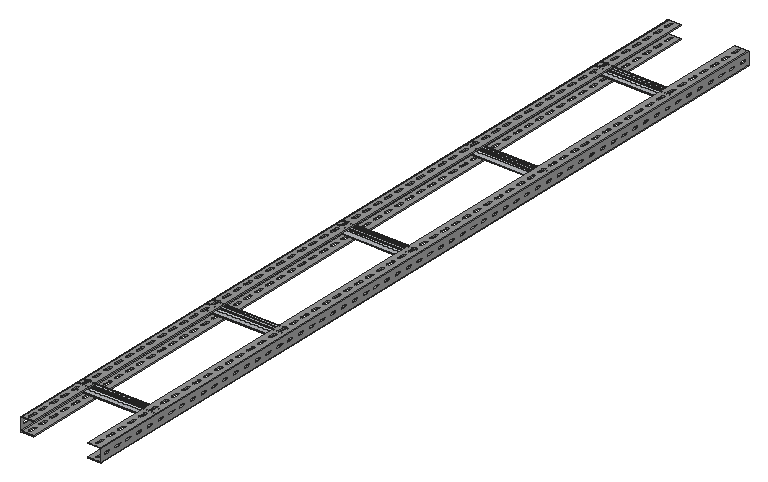
Revit family "steigeleiter_3_FT_FTSO_FTK_A2_A4.300rfa", category Generic Models, Revit 2017 (continued)
Dimensions and locks
  locked: Extrusion 304 sketch curve to Extrusion 304 sketch curve at 11
  locked: Extrusion 305 sketch curve to Extrusion 305 sketch curve at 11
  locked: Extrusion 306 sketch curve to Extrusion 306 sketch curve at 11
  locked: Extrusion 307 sketch curve to Extrusion 307 sketch curve at 11
  locked: Extrusion 308 sketch curve to Extrusion 308 sketch curve at 11
  locked: Extrusion 309 sketch curve to Extrusion 309 sketch curve at 11
  locked: Extrusion 310 sketch curve to Extrusion 310 sketch curve at 11
  locked: Extrusion 311 sketch curve to Extrusion 311 sketch curve at 11
  locked: Extrusion 312 sketch curve to Extrusion 312 sketch curve at 11
  locked: Extrusion 313 sketch curve to Extrusion 313 sketch curve at 11
  locked: Extrusion 314 sketch curve to Extrusion 314 sketch curve at 11
  locked: Extrusion 315 sketch curve to Extrusion 315 sketch curve at 11
  locked: Extrusion 316 sketch curve to Extrusion 316 sketch curve at 11
  locked: Extrusion 317 sketch curve to Extrusion 317 sketch curve at 11
  locked: Extrusion 318 sketch curve to Extrusion 318 sketch curve at 11
  locked: Extrusion 319 sketch curve to Extrusion 319 sketch curve at 11
  locked: Extrusion 320 sketch curve to Extrusion 320 sketch curve at 11
  locked: Extrusion 321 sketch curve to Extrusion 321 sketch curve at 11
  locked: Extrusion 322 sketch curve to Extrusion 322 sketch curve at 11
  locked: Extrusion 323 sketch curve to Extrusion 323 sketch curve at 11
  locked: Extrusion 324 sketch curve to Extrusion 324 sketch curve at 11
  locked: Extrusion 325 sketch curve to Extrusion 325 sketch curve at 11
  locked: Extrusion 326 sketch curve to Extrusion 326 sketch curve at 11
  locked: Extrusion 327 sketch curve to Extrusion 327 sketch curve at 11
  locked: Extrusion 328 sketch curve to Extrusion 328 sketch curve at 11
  locked: Extrusion 329 sketch curve to Extrusion 329 sketch curve at 11
  locked: Extrusion 330 sketch curve to Extrusion 330 sketch curve at 11
  locked: Extrusion 331 sketch curve to Extrusion 331 sketch curve at 11
  locked: Extrusion 332 sketch curve to Extrusion 332 sketch curve at 11
  locked: Extrusion 333 sketch curve to Extrusion 333 sketch curve at 11
  locked: Extrusion 334 sketch curve to Extrusion 334 sketch curve at 11
  locked: Extrusion 335 sketch curve to Extrusion 335 sketch curve at 11
  locked: Extrusion 336 sketch curve to Extrusion 336 sketch curve at 11
  locked: Extrusion 337 sketch curve to Extrusion 337 sketch curve at 11
  locked: Extrusion 338 sketch curve to Extrusion 338 sketch curve at 11
  locked: Extrusion 339 sketch curve to Extrusion 339 sketch curve at 11
  locked: Extrusion 340 sketch curve to Extrusion 340 sketch curve at 11
  locked: Extrusion 341 sketch curve to Extrusion 341 sketch curve at 11
  locked: Extrusion 342 sketch curve to Extrusion 342 sketch curve at 11
  locked: Extrusion 343 sketch curve to Extrusion 343 sketch curve at 11
  locked: Extrusion 344 sketch curve to Extrusion 344 sketch curve at 11
  locked: Extrusion 345 sketch curve to Extrusion 345 sketch curve at 11
  locked: Extrusion 346 sketch curve to Extrusion 346 sketch curve at 11
  locked: Extrusion 347 sketch curve to Extrusion 347 sketch curve at 11
  locked: Extrusion 348 sketch curve to Extrusion 348 sketch curve at 11
  locked: Extrusion 349 sketch curve to Extrusion 349 sketch curve at 11
  locked: Extrusion 350 sketch curve to Extrusion 350 sketch curve at 11
  locked: Extrusion 351 sketch curve to Extrusion 351 sketch curve at 11
  locked: Extrusion 352 sketch curve to Extrusion 352 sketch curve at 11
  locked: Extrusion 353 sketch curve to Extrusion 353 sketch curve at 11
  locked: Extrusion 354 sketch curve to Extrusion 354 sketch curve at 11
  locked: Extrusion 355 sketch curve to Extrusion 355 sketch curve at 11
  locked: Extrusion 356 sketch curve to Extrusion 356 sketch curve at 11
  locked: Extrusion 357 sketch curve to Extrusion 357 sketch curve at 11
  locked: Extrusion 358 sketch curve to Extrusion 358 sketch curve at 11
  locked: Extrusion 359 sketch curve to Extrusion 359 sketch curve at 11
  locked: Extrusion 360 sketch curve to Extrusion 360 sketch curve at 11
  locked: Extrusion 361 sketch curve to Extrusion 361 sketch curve at 11
  "Length 2": plane 1 "Center (Front/Back)" to plane 6
  plane 1 "Center (Front/Back)" to plane 6 = 273.5 mm
  locked: Extrusion 362 sketch curve to Extrusion 362 sketch curve at 2  (x5)
  Extrusion 362 sketch curve to Extrusion 362 sketch curve = 3.5 mm
  locked: Extrusion 363 sketch curve to Extrusion 363 sketch curve at 2  (x5)
  Extrusion 363 sketch curve to Extrusion 363 sketch curve = 3.5 mm
  equal spacing: group 361, group 362, group 363, group 364, group 365  (x3)
  locked: Extrusion 364 sketch curve to Extrusion 364 sketch curve at 2  (x5)
  Extrusion 364 sketch curve to Extrusion 364 sketch curve = 3.5 mm
  locked: Extrusion 365 sketch curve to Extrusion 365 sketch curve at 2  (x5)
  Extrusion 365 sketch curve to Extrusion 365 sketch curve = 3.5 mm
  locked: Extrusion 366 sketch curve to Extrusion 366 sketch curve at 2  (x5)
  Extrusion 366 sketch curve to Extrusion 366 sketch curve = 3.5 mm
  aligned and locked: level to plane 2
  aligned and locked: Extrusion 1 sketch curve to level
  aligned and locked: level to Extrusion 1 sketch curve
  aligned and locked: plane 5 to Extrusion 1
  aligned and locked: Extrusion 1 to level
  aligned and locked: Extrusion 1 to Extrusion 2  (x2)
  aligned and locked: Extrusion 1 to Extrusion 3  (x2)
  aligned and locked: Extrusion 4 to level
  aligned and locked: Extrusion 1 to Extrusion 4
  aligned and locked: Extrusion 64 to level
  aligned and locked: cut or joined group 1 (Extrusion 1, Extrusion 2, Extrusion 3, Extrusion 4, Extrusion 5, Extrusion 6, Extrusion 7, Extrusion 8, Extrusion 9, Extrusion 10, Extrusion 11, Extrusion 12, Extrusion 13, Extrusion 14, Extrusion 15, Extrusion 16, Extrusion 17, Extrusion 18, Extrusion 19, Extrusion 20, Extrusion 21, Extrusion 22, Extrusion 23, Extrusion 24, Extrusion 25, Extrusion 26, Extrusion 27, Extrusion 28, Extrusion 29, Extrusion 30, Extrusion 31, Extrusion 32, Extrusion 33, Extrusion 34, Extrusion 35, Extrusion 36, Extrusion 37, Extrusion 38, Extrusion 39, Extrusion 40, Extrusion 41, Extrusion 42, Extrusion 43, Extrusion 44, Extrusion 45, Extrusion 46, Extrusion 47, Extrusion 48, Extrusion 49, Extrusion 50, Extrusion 51, Extrusion 52, Extrusion 53, Extrusion 54, Extrusion 55, Extrusion 56, Extrusion 57, Extrusion 58, Extrusion 59, Extrusion 60, Extrusion 61, Extrusion 62, Extrusion 63, Extrusion 64, Extrusion 65, Extrusion 66, Extrusion 67, Extrusion 68, Extrusion 69, Extrusion 70, Extrusion 71, Extrusion 72, Extrusion 73, Extrusion 74, Extrusion 75, Extrusion 76, Extrusion 77, Extrusion 78, Extrusion 79, Extrusion 80, Extrusion 81, Extrusion 82, Extrusion 83, Extrusion 84, Extrusion 85, Extrusion 86, Extrusion 87, Extrusion 88, Extrusion 89, Extrusion 90, Extrusion 91, Extrusion 92, Extrusion 93, Extrusion 94, Extrusion 95, Extrusion 96, Extrusion 97, Extrusion 98, Extrusion 99, Extrusion 100, Extrusion 101, Extrusion 102, Extrusion 103, Extrusion 104, Extrusion 105, Extrusion 106, Extrusion 107, Extrusion 108, Extrusion 109, Extrusion 110, Extrusion 111, Extrusion 112, Extrusion 113, Extrusion 114, Extrusion 115, Extrusion 116, Extrusion 117, Extrusion 118, Extrusion 119, Extrusion 120, Extrusion 121, Extrusion 122, Extrusion 123, Extrusion 124, Extrusion 125, Extrusion 126, Extrusion 127, Extrusion 128, Extrusion 129, Extrusion 130, Extrusion 131, Extrusion 132, Extrusion 133, Extrusion 134, Extrusion 135, Extrusion 136, Extrusion 137, Extrusion 138, Extrusion 139, Extrusion 140, Extrusion 141, Extrusion 142, Extrusion 143, Extrusion 144, Extrusion 145, Extrusion 146, Extrusion 147, Extrusion 148, Extrusion 149, Extrusion 150, Extrusion 151, Extrusion 152, Extrusion 153, Extrusion 154, Extrusion 155, Extrusion 156, Extrusion 157, Extrusion 158, Extrusion 159, Extrusion 160, Extrusion 161, Extrusion 162, Extrusion 163, Extrusion 164, Extrusion 165, Extrusion 166, Extrusion 167, Extrusion 168, Extrusion 169, Extrusion 170, Extrusion 171, Extrusion 172, Extrusion 173, Extrusion 174, Extrusion 175, Extrusion 176, Extrusion 177, Extrusion 178, Extrusion 179, Extrusion 180, Extrusion 181, Extrusion 182, Extrusion 183, Extrusion 184, Extrusion 185, Extrusion 186, Extrusion 187, Extrusion 188, Extrusion 189, Extrusion 190, Extrusion 191, Extrusion 192, Extrusion 193, Extrusion 194, Extrusion 195, Extrusion 196, Extrusion 197, Extrusion 198, Extrusion 199, Extrusion 200, Extrusion 201, Extrusion 202, Extrusion 203, Extrusion 204, Extrusion 205, Extrusion 206, Extrusion 207, Extrusion 208, Extrusion 209, Extrusion 210, Extrusion 211, Extrusion 212, Extrusion 213, Extrusion 214, Extrusion 215, Extrusion 216, Extrusion 217, Extrusion 218, Extrusion 219, Extrusion 220, Extrusion 221, Extrusion 222, Extrusion 223, Extrusion 224, Extrusion 225, Extrusion 226, Extrusion 227, Extrusion 228, Extrusion 229, Extrusion 230, Extrusion 231, Extrusion 232, Extrusion 233, Extrusion 234, Extrusion 235, Extrusion 236, Extrusion 237, Extrusion 238, Extrusion 239, Extrusion 240, Extrusion 241, Extrusion 242, Extrusion 243, Extrusion 244, Extrusion 245, Extrusion 246, Extrusion 247, Extrusion 248, Extrusion 249, Extrusion 250, Extrusion 251, Extrusion 252, Extrusion 253, Extrusion 254, Extrusion 255, Extrusion 256, Extrusion 257, Extrusion 258, Extrusion 259, Extrusion 260, Extrusion 261, Extrusion 262, Extrusion 263, Extrusion 264, Extrusion 265, Extrusion 266, Extrusion 267, Extrusion 268, Extrusion 269, Extrusion 270, Extrusion 271, Extrusion 272, Extrusion 273, Extrusion 274, Extrusion 275, Extrusion 276, Extrusion 277, Extrusion 278, Extrusion 279, Extrusion 280, Extrusion 281, Extrusion 282, Extrusion 283, Extrusion 284, Extrusion 285, Extrusion 286, Extrusion 287, Extrusion 288, Extrusion 289, Extrusion 290, Extrusion 291, Extrusion 292, Extrusion 293, Extrusion 294, Extrusion 295, Extrusion 296, Extrusion 297, Extrusion 298, Extrusion 299, Extrusion 300, Extrusion 301, Extrusion 302, Extrusion 303, Extrusion 304, Extrusion 305, Extrusion 306, Extrusion 307, Extrusion 308, Extrusion 309, Extrusion 310, Extrusion 311, Extrusion 312, Extrusion 313, Extrusion 314, Extrusion 315, Extrusion 316, Extrusion 317, Extrusion 318, Extrusion 319, Extrusion 320, Extrusion 321, Extrusion 322, Extrusion 323, Extrusion 324, Extrusion 325, Extrusion 326, Extrusion 327, Extrusion 328, Extrusion 329, Extrusion 330, Extrusion 331, Extrusion 332, Extrusion 333, Extrusion 334, Extrusion 335, Extrusion 336, Extrusion 337, Extrusion 338, Extrusion 339, Extrusion 340, Extrusion 341, Extrusion 342, Extrusion 343, Extrusion 344, Extrusion 345, Extrusion 346, Extrusion 347, Extrusion 348, Extrusion 349, Extrusion 350, Extrusion 351, Extrusion 352, Extrusion 353, Extrusion 354, Extrusion 355, Extrusion 356, Extrusion 357, Extrusion 358, Extrusion 359, Extrusion 360, Extrusion 361) to cut or joined group of Extrusion 1, Extrusion 2, Extrusion 3, Extrusion 4, Extrusion 5, Extrusion 6, Extrusion 7, Extrusion 8, Extrusion 9, Extrusion 10, Extrusion 11, Extrusion 12, Extrusion 13, Extrusion 14, Extrusion 15, Extrusion 16, Extrusion 17, Extrusion 18, Extrusion 19, Extrusion 20, Extrusion 21, Extrusion 22, Extrusion 23, Extrusion 24, Extrusion 25, Extrusion 26, Extrusion 27, Extrusion 28, Extrusion 29, Extrusion 30, Extrusion 31, Extrusion 32, Extrusion 33, Extrusion 34, Extrusion 35, Extrusion 36, Extrusion 37, Extrusion 38, Extrusion 39, Extrusion 40, Extrusion 41, Extrusion 42, Extrusion 43, Extrusion 44, Extrusion 45, Extrusion 46, Extrusion 47, Extrusion 48, Extrusion 49, Extrusion 50, Extrusion 51, Extrusion 52, Extrusion 53, Extrusion 54, Extrusion 55, Extrusion 56, Extrusion 57, Extrusion 58, Extrusion 59, Extrusion 60, Extrusion 61, Extrusion 62, Extrusion 63, Extrusion 64, Extrusion 65, Extrusion 66, Extrusion 67, Extrusion 68, Extrusion 69, Extrusion 70, Extrusion 71, Extrusion 72, Extrusion 73, Extrusion 74, Extrusion 75, Extrusion 76, Extrusion 77, Extrusion 78, Extrusion 79, Extrusion 80, Extrusion 81, Extrusion 82, Extrusion 83, Extrusion 84, Extrusion 85, Extrusion 86, Extrusion 87, Extrusion 88, Extrusion 89, Extrusion 90, Extrusion 91, Extrusion 92, Extrusion 93, Extrusion 94, Extrusion 95, Extrusion 96, Extrusion 97, Extrusion 98, Extrusion 99, Extrusion 100, Extrusion 101, Extrusion 102, Extrusion 103, Extrusion 104, Extrusion 105, Extrusion 106, Extrusion 107, Extrusion 108, Extrusion 109, Extrusion 110, Extrusion 111, Extrusion 112, Extrusion 113, Extrusion 114, Extrusion 115, Extrusion 116, Extrusion 117, Extrusion 118, Extrusion 119, Extrusion 120, Extrusion 121, Extrusion 122, Extrusion 123, Extrusion 124, Extrusion 125, Extrusion 126, Extrusion 127, Extrusion 128, Extrusion 129, Extrusion 130, Extrusion 131, Extrusion 132, Extrusion 133, Extrusion 134, Extrusion 135, Extrusion 136, Extrusion 137, Extrusion 138, Extrusion 139, Extrusion 140, Extrusion 141, Extrusion 142, Extrusion 143, Extrusion 144, Extrusion 145, Extrusion 146, Extrusion 147, Extrusion 148, Extrusion 149, Extrusion 150, Extrusion 151, Extrusion 152, Extrusion 153, Extrusion 154, Extrusion 155, Extrusion 156, Extrusion 157, Extrusion 158, Extrusion 159, Extrusion 160, Extrusion 161, Extrusion 162, Extrusion 163, Extrusion 164, Extrusion 165, Extrusion 166, Extrusion 167, Extrusion 168, Extrusion 169, Extrusion 170, Extrusion 171, Extrusion 172, Extrusion 173, Extrusion 174, Extrusion 175, Extrusion 176, Extrusion 177, Extrusion 178, Extrusion 179, Extrusion 180, Extrusion 181, Extrusion 182, E
    xtrusion 183, Extrusion 184, Extrusion 185, Extrusion 186, Extrusion 187, Extrusion 188, Extrusion 189, Extrusion 190, Extrusion 191, Extrusion 192, Extrusion 193, Extrusion 194, Extrusion 195, Extrusion 196, Extrusion 197, Extrusion 198, Extrusion 199, Extrusion 200, Extrusion 201, Extrusion 202, Extrusion 203, Extrusion 204, Extrusion 205, Extrusion 206, Extrusion 207, Extrusion 208, Extrusion 209, Extrusion 210, Extrusion 211, Extrusion 212, Extrusion 213, Extrusion 214, Extrusion 215, Extrusion 216, Extrusion 217, Extrusion 218, Extrusion 219, Extrusion 220, Extrusion 221, Extrusion 222, Extrusion 223, Extrusion 224, Extrusion 225, Extrusion 226, Extrusion 227, Extrusion 228, Extrusion 229, Extrusion 230, Extrusion 231, Extrusion 232, Extrusion 233, Extrusion 234, Extrusion 235, Extrusion 236, Extrusion 237, Extrusion 238, Extrusion 239, Extrusion 240, Extrusion 241, Extrusion 242, Extrusion 243, Extrusion 244, Extrusion 245, Extrusion 246, Extrusion 247, Extrusion 248, Extrusion 249, Extrusion 250, Extrusion 251, Extrusion 252, Extrusion 253, Extrusion 254, Extrusion 255, Extrusion 256, Extrusion 257, Extrusion 258, Extrusion 259, Extrusion 260, Extrusion 261, Extrusion 262, Extrusion 263, Extrusion 264, Extrusion 265, Extrusion 266, Extrusion 267, Extrusion 268, Extrusion 269, Extrusion 270, Extrusion 271, Extrusion 272, Extrusion 273, Extrusion 274, Extrusion 275, Extrusion 276, Extrusion 277, Extrusion 278, Extrusion 279, Extrusion 280, Extrusion 281, Extrusion 282, Extrusion 283, Extrusion 284, Extrusion 285, Extrusion 286, Extrusion 287, Extrusion 288, Extrusion 289, Extrusion 290, Extrusion 291, Extrusion 292, Extrusion 293, Extrusion 294, Extrusion 295, Extrusion 296, Extrusion 297, Extrusion 298, Extrusion 299, Extrusion 300, Extrusion 301, Extrusion 302, Extrusion 303, Extrusion 304, Extrusion 305, Extrusion 306, Extrusion 307, Extrusion 308, Extrusion 309, Extrusion 310, Extrusion 311, Extrusion 312, Extrusion 313, Extrusion 314, Extrusion 315, Extrusion 316, Extrusion 317, Extrusion 318, Extrusion 319, Extrusion 320, Extrusion 321, Extrusion 322, Extrusion 323, Extrusion 324, Extrusion 325, Extrusion 326, Extrusion 327, Extrusion 328, Extrusion 329, Extrusion 330, Extrusion 331, Extrusion 332, Extrusion 333, Extrusion 334, Extrusion 335, Extrusion 336, Extrusion 337, Extrusion 338, Extrusion 339, Extrusion 340, Extrusion 341, Extrusion 342, Extrusion 343, Extrusion 344, Extrusion 345, Extrusion 346, Extrusion 347, Extrusion 348, Extrusion 349, Extrusion 350, Extrusion 351, Extrusion 352, Extrusion 353, Extrusion 354, Extrusion 355, Extrusion 356, Extrusion 357, Extrusion 358, Extrusion 359, Extrusion 360, Extrusion 361  (x5)
  aligned and locked: level to cut or joined group 1
  aligned and locked: Extrusion 1 to Extrusion 242
  aligned and locked: Extrusion 1 to Extrusion 302
  aligned and locked: Extrusion 362 to cut or joined group 1  (x2)
  aligned and locked: cut or joined group 1 to Extrusion 362
Automatic sketch dimensions
  Extrusion 1 sketch curve to Extrusion 1 sketch curve = 1.5 mm  (x3)
  Extrusion 1 sketch curve to Extrusion 1 sketch curve = 3.273 mm
  Extrusion 1 sketch curve to Extrusion 1 sketch curve = 1.011 mm
  Extrusion 1 sketch curve to Extrusion 1 sketch curve = 1.773 mm
  Extrusion 1 sketch curve to Extrusion 1 sketch curve = 0 mm  (x2)
  Extrusion 1 sketch curve to plane 3 "Center (Left/Right)" = 100 mm
  plane 3 "Center (Left/Right)" to Extrusion 1 sketch curve = 100 mm
  Extrusion 2 sketch curve to Extrusion 2 sketch curve = 19 mm
  Extrusion 3 sketch curve to Extrusion 3 sketch curve = 19 mm
  Extrusion 4 sketch curve to Extrusion 4 sketch curve = 19 mm
  Extrusion 5 sketch curve to Extrusion 5 sketch curve = 19 mm
  Extrusion 6 sketch curve to Extrusion 6 sketch curve = 19 mm
  Extrusion 7 sketch curve to Extrusion 7 sketch curve = 19 mm
  Extrusion 8 sketch curve to Extrusion 8 sketch curve = 19 mm
  Extrusion 9 sketch curve to Extrusion 9 sketch curve = 19 mm
  Extrusion 10 sketch curve to Extrusion 10 sketch curve = 19 mm
  Extrusion 11 sketch curve to Extrusion 11 sketch curve = 19 mm
  Extrusion 12 sketch curve to Extrusion 12 sketch curve = 19 mm
  Extrusion 13 sketch curve to Extrusion 13 sketch curve = 19 mm
  Extrusion 14 sketch curve to Extrusion 14 sketch curve = 19 mm
  Extrusion 15 sketch curve to Extrusion 15 sketch curve = 19 mm
  Extrusion 16 sketch curve to Extrusion 16 sketch curve = 19 mm
  Extrusion 17 sketch curve to Extrusion 17 sketch curve = 19 mm
  Extrusion 18 sketch curve to Extrusion 18 sketch curve = 19 mm
  Extrusion 19 sketch curve to Extrusion 19 sketch curve = 19 mm
  Extrusion 20 sketch curve to Extrusion 20 sketch curve = 19 mm
  Extrusion 21 sketch curve to Extrusion 21 sketch curve = 19 mm
  Extrusion 22 sketch curve to Extrusion 22 sketch curve = 19 mm
  Extrusion 23 sketch curve to Extrusion 23 sketch curve = 19 mm
  Extrusion 24 sketch curve to Extrusion 24 sketch curve = 19 mm
  Extrusion 25 sketch curve to Extrusion 25 sketch curve = 19 mm
  Extrusion 26 sketch curve to Extrusion 26 sketch curve = 19 mm
  Extrusion 27 sketch curve to Extrusion 27 sketch curve = 19 mm
  Extrusion 28 sketch curve to Extrusion 28 sketch curve = 19 mm
  Extrusion 29 sketch curve to Extrusion 29 sketch curve = 19 mm
  Extrusion 30 sketch curve to Extrusion 30 sketch curve = 19 mm
  Extrusion 31 sketch curve to Extrusion 31 sketch curve = 19 mm
  Extrusion 32 sketch curve to Extrusion 32 sketch curve = 19 mm
  Extrusion 33 sketch curve to Extrusion 33 sketch curve = 19 mm
  Extrusion 34 sketch curve to Extrusion 34 sketch curve = 19 mm
  Extrusion 35 sketch curve to Extrusion 35 sketch curve = 19 mm
  Extrusion 36 sketch curve to Extrusion 36 sketch curve = 19 mm
  Extrusion 37 sketch curve to Extrusion 37 sketch curve = 19 mm
  Extrusion 38 sketch curve to Extrusion 38 sketch curve = 19 mm
  Extrusion 39 sketch curve to Extrusion 39 sketch curve = 19 mm
  Extrusion 40 sketch curve to Extrusion 40 sketch curve = 19 mm
  Extrusion 41 sketch curve to Extrusion 41 sketch curve = 19 mm
  Extrusion 42 sketch curve to Extrusion 42 sketch curve = 19 mm
  Extrusion 43 sketch curve to Extrusion 43 sketch curve = 19 mm
  Extrusion 44 sketch curve to Extrusion 44 sketch curve = 19 mm
  Extrusion 45 sketch curve to Extrusion 45 sketch curve = 19 mm
  Extrusion 46 sketch curve to Extrusion 46 sketch curve = 19 mm
  Extrusion 47 sketch curve to Extrusion 47 sketch curve = 19 mm
  Extrusion 48 sketch curve to Extrusion 48 sketch curve = 19 mm
  Extrusion 49 sketch curve to Extrusion 49 sketch curve = 19 mm
  Extrusion 50 sketch curve to Extrusion 50 sketch curve = 19 mm
  Extrusion 51 sketch curve to Extrusion 51 sketch curve = 19 mm
  Extrusion 52 sketch curve to Extrusion 52 sketch curve = 19 mm
  Extrusion 53 sketch curve to Extrusion 53 sketch curve = 19 mm
  Extrusion 54 sketch curve to Extrusion 54 sketch curve = 19 mm
  Extrusion 55 sketch curve to Extrusion 55 sketch curve = 19 mm
  Extrusion 56 sketch curve to Extrusion 56 sketch curve = 19 mm
  Extrusion 57 sketch curve to Extrusion 57 sketch curve = 19 mm
  Extrusion 58 sketch curve to Extrusion 58 sketch curve = 19 mm
  Extrusion 59 sketch curve to Extrusion 59 sketch curve = 19 mm
  Extrusion 60 sketch curve to Extrusion 60 sketch curve = 19 mm
  Extrusion 61 sketch curve to Extrusion 61 sketch curve = 19 mm
  Extrusion 62 sketch curve to Extrusion 62 sketch curve = 19 mm
  Extrusion 63 sketch curve to Extrusion 63 sketch curve = 19 mm
  Extrusion 65 sketch curve to Extrusion 65 sketch curve = 19 mm
  Extrusion 66 sketch curve to Extrusion 66 sketch curve = 19 mm
  Extrusion 67 sketch curve to Extrusion 67 sketch curve = 19 mm
  Extrusion 68 sketch curve to Extrusion 68 sketch curve = 19 mm
  Extrusion 69 sketch curve to Extrusion 69 sketch curve = 19 mm
  Extrusion 70 sketch curve to Extrusion 70 sketch curve = 19 mm
  Extrusion 71 sketch curve to Extrusion 71 sketch curve = 19 mm
  Extrusion 72 sketch curve to Extrusion 72 sketch curve = 19 mm
  Extrusion 73 sketch curve to Extrusion 73 sketch curve = 19 mm
  Extrusion 74 sketch curve to Extrusion 74 sketch curve = 19 mm
  Extrusion 75 sketch curve to Extrusion 75 sketch curve = 19 mm
  Extrusion 76 sketch curve to Extrusion 76 sketch curve = 19 mm
  Extrusion 77 sketch curve to Extrusion 77 sketch curve = 19 mm
  Extrusion 78 sketch curve to Extrusion 78 sketch curve = 19 mm
  Extrusion 79 sketch curve to Extrusion 79 sketch curve = 19 mm
  Extrusion 80 sketch curve to Extrusion 80 sketch curve = 19 mm
  Extrusion 81 sketch curve to Extrusion 81 sketch curve = 19 mm
  Extrusion 82 sketch curve to Extrusion 82 sketch curve = 19 mm
  Extrusion 83 sketch curve to Extrusion 83 sketch curve = 19 mm
  Extrusion 84 sketch curve to Extrusion 84 sketch curve = 19 mm
  Extrusion 85 sketch curve to Extrusion 85 sketch curve = 19 mm
  Extrusion 86 sketch curve to Extrusion 86 sketch curve = 19 mm
  Extrusion 87 sketch curve to Extrusion 87 sketch curve = 19 mm
  Extrusion 88 sketch curve to Extrusion 88 sketch curve = 19 mm
  Extrusion 89 sketch curve to Extrusion 89 sketch curve = 19 mm
  Extrusion 90 sketch curve to Extrusion 90 sketch curve = 19 mm
  Extrusion 91 sketch curve to Extrusion 91 sketch curve = 19 mm
  Extrusion 92 sketch curve to Extrusion 92 sketch curve = 19 mm
  Extrusion 93 sketch curve to Extrusion 93 sketch curve = 19 mm
  Extrusion 94 sketch curve to Extrusion 94 sketch curve = 19 mm
  Extrusion 95 sketch curve to Extrusion 95 sketch curve = 19 mm
  Extrusion 96 sketch curve to Extrusion 96 sketch curve = 19 mm
  Extrusion 97 sketch curve to Extrusion 97 sketch curve = 19 mm
  Extrusion 98 sketch curve to Extrusion 98 sketch curve = 19 mm
  Extrusion 99 sketch curve to Extrusion 99 sketch curve = 19 mm
  Extrusion 100 sketch curve to Extrusion 100 sketch curve = 19 mm
  Extrusion 101 sketch curve to Extrusion 101 sketch curve = 19 mm
  Extrusion 102 sketch curve to Extrusion 102 sketch curve = 19 mm
  Extrusion 103 sketch curve to Extrusion 103 sketch curve = 19 mm
  Extrusion 104 sketch curve to Extrusion 104 sketch curve = 19 mm
  Extrusion 105 sketch curve to Extrusion 105 sketch curve = 19 mm
  Extrusion 106 sketch curve to Extrusion 106 sketch curve = 19 mm
  Extrusion 107 sketch curve to Extrusion 107 sketch curve = 19 mm
  Extrusion 108 sketch curve to Extrusion 108 sketch curve = 19 mm
  Extrusion 109 sketch curve to Extrusion 109 sketch curve = 19 mm
  Extrusion 110 sketch curve to Extrusion 110 sketch curve = 19 mm
  Extrusion 111 sketch curve to Extrusion 111 sketch curve = 19 mm
  Extrusion 112 sketch curve to Extrusion 112 sketch curve = 19 mm
  Extrusion 113 sketch curve to Extrusion 113 sketch curve = 19 mm
  Extrusion 114 sketch curve to Extrusion 114 sketch curve = 19 mm
  Extrusion 115 sketch curve to Extrusion 115 sketch curve = 19 mm
  Extrusion 116 sketch curve to Extrusion 116 sketch curve = 19 mm
  Extrusion 117 sketch curve to Extrusion 117 sketch curve = 19 mm
  Extrusion 118 sketch curve to Extrusion 118 sketch curve = 19 mm
  Extrusion 119 sketch curve to Extrusion 119 sketch curve = 19 mm
  Extrusion 120 sketch curve to Extrusion 120 sketch curve = 19 mm
  Extrusion 121 sketch curve to Extrusion 121 sketch curve = 19 mm
  Extrusion 122 sketch curve to Extrusion 122 sketch curve = 19 mm
  Extrusion 123 sketch curve to Extrusion 123 sketch curve = 19 mm
  Extrusion 124 sketch curve to Extrusion 124 sketch curve = 19 mm
  Extrusion 125 sketch curve to Extrusion 125 sketch curve = 19 mm
  Extrusion 126 sketch curve to Extrusion 126 sketch curve = 19 mm
  Extrusion 127 sketch curve to Extrusion 127 sketch curve = 19 mm
  Extrusion 128 sketch curve to Extrusion 128 sketch curve = 19 mm
  Extrusion 129 sketch curve to Extrusion 129 sketch curve = 19 mm
  Extrusion 130 sketch curve to Extrusion 130 sketch curve = 19 mm
  Extrusion 131 sketch curve to Extrusion 131 sketch curve = 19 mm
  Extrusion 132 sketch curve to Extrusion 132 sketch curve = 19 mm
  Extrusion 133 sketch curve to Extrusion 133 sketch curve = 19 mm
  Extrusion 134 sketch curve to Extrusion 134 sketch curve = 19 mm
  Extrusion 135 sketch curve to Extrusion 135 sketch curve = 19 mm
  Extrusion 136 sketch curve to Extrusion 136 sketch curve = 19 mm
  Extrusion 137 sketch curve to Extrusion 137 sketch curve = 19 mm
  Extrusion 138 sketch curve to Extrusion 138 sketch curve = 19 mm
  Extrusion 139 sketch curve to Extrusion 139 sketch curve = 19 mm
  Extrusion 140 sketch curve to Extrusion 140 sketch curve = 19 mm
  Extrusion 141 sketch curve to Extrusion 141 sketch curve = 19 mm
  Extrusion 142 sketch curve to Extrusion 142 sketch curve = 19 mm
  Extrusion 143 sketch curve to Extrusion 143 sketch curve = 19 mm
  Extrusion 144 sketch curve to Extrusion 144 sketch curve = 19 mm
  Extrusion 145 sketch curve to Extrusion 145 sketch curve = 19 mm
  Extrusion 146 sketch curve to Extrusion 146 sketch curve = 19 mm
  Extrusion 147 sketch curve to Extrusion 147 sketch curve = 19 mm
  Extrusion 148 sketch curve to Extrusion 148 sketch curve = 19 mm
  Extrusion 149 sketch curve to Extrusion 149 sketch curve = 19 mm
  Extrusion 150 sketch curve to Extrusion 150 sketch curve = 19 mm
  Extrusion 151 sketch curve to Extrusion 151 sketch curve = 19 mm
  Extrusion 152 sketch curve to Extrusion 152 sketch curve = 19 mm
  Extrusion 153 sketch curve to Extrusion 153 sketch curve = 19 mm
  Extrusion 154 sketch curve to Extrusion 154 sketch curve = 19 mm
  Extrusion 155 sketch curve to Extrusion 155 sketch curve = 19 mm
  Extrusion 156 sketch curve to Extrusion 156 sketch curve = 19 mm
  Extrusion 157 sketch curve to Extrusion 157 sketch curve = 19 mm
  Extrusion 158 sketch curve to Extrusion 158 sketch curve = 19 mm
  Extrusion 159 sketch curve to Extrusion 159 sketch curve = 19 mm
  Extrusion 160 sketch curve to Extrusion 160 sketch curve = 19 mm
  Extrusion 161 sketch curve to Extrusion 161 sketch curve = 19 mm
  Extrusion 162 sketch curve to Extrusion 162 sketch curve = 19 mm
  Extrusion 163 sketch curve to Extrusion 163 sketch curve = 19 mm
  Extrusion 164 sketch curve to Extrusion 164 sketch curve = 19 mm
  Extrusion 165 sketch curve to Extrusion 165 sketch curve = 19 mm
  Extrusion 166 sketch curve to Extrusion 166 sketch curve = 19 mm
  Extrusion 167 sketch curve to Extrusion 167 sketch curve = 19 mm
  Extrusion 168 sketch curve to Extrusion 168 sketch curve = 19 mm
  Extrusion 169 sketch curve to Extrusion 169 sketch curve = 19 mm
  Extrusion 170 sketch curve to Extrusion 170 sketch curve = 19 mm
  Extrusion 171 sketch curve to Extrusion 171 sketch curve = 19 mm
  Extrusion 172 sketch curve to Extrusion 172 sketch curve = 19 mm
  Extrusion 173 sketch curve to Extrusion 173 sketch curve = 19 mm
  Extrusion 174 sketch curve to Extrusion 174 sketch curve = 19 mm
  Extrusion 175 sketch curve to Extrusion 175 sketch curve = 19 mm
  Extrusion 176 sketch curve to Extrusion 176 sketch curve = 19 mm
  Extrusion 177 sketch curve to Extrusion 177 sketch curve = 19 mm
  Extrusion 178 sketch curve to Extrusion 178 sketch curve = 19 mm
  Extrusion 179 sketch curve to Extrusion 179 sketch curve = 19 mm
  Extrusion 180 sketch curve to Extrusion 180 sketch curve = 19 mm
  Extrusion 181 sketch curve to Extrusion 181 sketch curve = 19 mm
  Extrusion 182 sketch curve to Extrusion 182 sketch curve = 19 mm
  Extrusion 64 sketch curve to Extrusion 64 sketch curve = 19 mm
  Extrusion 183 sketch curve to Extrusion 183 sketch curve = 19 mm
  Extrusion 184 sketch curve to Extrusion 184 sketch curve = 19 mm
  Extrusion 185 sketch curve to Extrusion 185 sketch curve = 19 mm
  Extrusion 186 sketch curve to Extrusion 186 sketch curve = 19 mm
  Extrusion 187 sketch curve to Extrusion 187 sketch curve = 19 mm
  Extrusion 188 sketch curve to Extrusion 188 sketch curve = 19 mm
  Extrusion 189 sketch curve to Extrusion 189 sketch curve = 19 mm
  Extrusion 190 sketch curve to Extrusion 190 sketch curve = 19 mm
  Extrusion 191 sketch curve to Extrusion 191 sketch curve = 19 mm
  Extrusion 192 sketch curve to Extrusion 192 sketch curve = 19 mm
  Extrusion 193 sketch curve to Extrusion 193 sketch curve = 19 mm
  Extrusion 194 sketch curve to Extrusion 194 sketch curve = 19 mm
  Extrusion 195 sketch curve to Extrusion 195 sketch curve = 19 mm
  Extrusion 196 sketch curve to Extrusion 196 sketch curve = 19 mm
  Extrusion 197 sketch curve to Extrusion 197 sketch curve = 19 mm
  Extrusion 198 sketch curve to Extrusion 198 sketch curve = 19 mm
  Extrusion 199 sketch curve to Extrusion 199 sketch curve = 19 mm
  Extrusion 200 sketch curve to Extrusion 200 sketch curve = 19 mm
  Extrusion 201 sketch curve to Extrusion 201 sketch curve = 19 mm
  Extrusion 202 sketch curve to Extrusion 202 sketch curve = 19 mm
  Extrusion 203 sketch curve to Extrusion 203 sketch curve = 19 mm
  Extrusion 204 sketch curve to Extrusion 204 sketch curve = 19 mm
  Extrusion 205 sketch curve to Extrusion 205 sketch curve = 19 mm
  Extrusion 206 sketch curve to Extrusion 206 sketch curve = 19 mm
  Extrusion 207 sketch curve to Extrusion 207 sketch curve = 19 mm
  Extrusion 208 sketch curve to Extrusion 208 sketch curve = 19 mm
  Extrusion 209 sketch curve to Extrusion 209 sketch curve = 19 mm
  Extrusion 210 sketch curve to Extrusion 210 sketch curve = 19 mm
  Extrusion 211 sketch curve to Extrusion 211 sketch curve = 19 mm
  Extrusion 212 sketch curve to Extrusion 212 sketch curve = 19 mm
  Extrusion 213 sketch curve to Extrusion 213 sketch curve = 19 mm
  Extrusion 214 sketch curve to Extrusion 214 sketch curve = 19 mm
  Extrusion 215 sketch curve to Extrusion 215 sketch curve = 19 mm
  Extrusion 216 sketch curve to Extrusion 216 sketch curve = 19 mm
  Extrusion 217 sketch curve to Extrusion 217 sketch curve = 19 mm
  Extrusion 218 sketch curve to Extrusion 218 sketch curve = 19 mm
  Extrusion 219 sketch curve to Extrusion 219 sketch curve = 19 mm
  Extrusion 220 sketch curve to Extrusion 220 sketch curve = 19 mm
  Extrusion 221 sketch curve to Extrusion 221 sketch curve = 19 mm
  Extrusion 222 sketch curve to Extrusion 222 sketch curve = 19 mm
  Extrusion 223 sketch curve to Extrusion 223 sketch curve = 19 mm
  Extrusion 224 sketch curve to Extrusion 224 sketch curve = 19 mm
  Extrusion 225 sketch curve to Extrusion 225 sketch curve = 19 mm
  Extrusion 226 sketch curve to Extrusion 226 sketch curve = 19 mm
  Extrusion 227 sketch curve to Extrusion 227 sketch curve = 19 mm
  Extrusion 228 sketch curve to Extrusion 228 sketch curve = 19 mm
  Extrusion 229 sketch curve to Extrusion 229 sketch curve = 19 mm
  Extrusion 230 sketch curve to Extrusion 230 sketch curve = 19 mm
  Extrusion 231 sketch curve to Extrusion 231 sketch curve = 19 mm
  Extrusion 232 sketch curve to Extrusion 232 sketch curve = 19 mm
  Extrusion 233 sketch curve to Extrusion 233 sketch curve = 19 mm
  Extrusion 234 sketch curve to Extrusion 234 sketch curve = 19 mm
  Extrusion 235 sketch curve to Extrusion 235 sketch curve = 19 mm
  Extrusion 236 sketch curve to Extrusion 236 sketch curve = 19 mm
  Extrusion 237 sketch curve to Extrusion 237 sketch curve = 19 mm
  Extrusion 238 sketch curve to Extrusion 238 sketch curve = 19 mm
  Extrusion 239 sketch curve to Extrusion 239 sketch curve = 19 mm
  Extrusion 240 sketch curve to Extrusion 240 sketch curve = 19 mm
  Extrusion 241 sketch curve to Extrusion 241 sketch curve = 19 mm
  Extrusion 242 sketch curve to Extrusion 242 sketch curve = 19 mm
  Extrusion 243 sketch curve to Extrusion 243 sketch curve = 19 mm
  Extrusion 244 sketch curve to Extrusion 244 sketch curve = 19 mm
  Extrusion 245 sketch curve to Extrusion 245 sketch curve = 19 mm
  Extrusion 246 sketch curve to Extrusion 246 sketch curve = 19 mm
  Extrusion 247 sketch curve to Extrusion 247 sketch curve = 19 mm
  Extrusion 248 sketch curve to Extrusion 248 sketch curve = 19 mm
  Extrusion 249 sketch curve to Extrusion 249 sketch curve = 19 mm
  Extrusion 250 sketch curve to Extrusion 250 sketch curve = 19 mm
  Extrusion 251 sketch curve to Extrusion 251 sketch curve = 19 mm
  Extrusion 252 sketch curve to Extrusion 252 sketch curve = 19 mm
  Extrusion 253 sketch curve to Extrusion 253 sketch curve = 19 mm
  Extrusion 254 sketch curve to Extrusion 254 sketch curve = 19 mm
  Extrusion 255 sketch curve to Extrusion 255 sketch curve = 19 mm
  Extrusion 256 sketch curve to Extrusion 256 sketch curve = 19 mm
  Extrusion 257 sketch curve to Extrusion 257 sketch curve = 19 mm
  Extrusion 258 sketch curve to Extrusion 258 sketch curve = 19 mm
  Extrusion 259 sketch curve to Extrusion 259 sketch curve = 19 mm
  Extrusion 260 sketch curve to Extrusion 260 sketch curve = 19 mm
  Extrusion 261 sketch curve to Extrusion 261 sketch curve = 19 mm
  Extrusion 262 sketch curve to Extrusion 262 sketch curve = 19 mm
  Extrusion 263 sketch curve to Extrusion 263 sketch curve = 19 mm
  Extrusion 264 sketch curve to Extrusion 264 sketch curve = 19 mm
  Extrusion 265 sketch curve to Extrusion 265 sketch curve = 19 mm
  Extrusion 266 sketch curve to Extrusion 266 sketch curve = 19 mm
  Extrusion 267 sketch curve to Extrusion 267 sketch curve = 19 mm
  Extrusion 268 sketch curve to Extrusion 268 sketch curve = 19 mm
  Extrusion 269 sketch curve to Extrusion 269 sketch curve = 19 mm
  Extrusion 270 sketch curve to Extrusion 270 sketch curve = 19 mm
  Extrusion 271 sketch curve to Extrusion 271 sketch curve = 19 mm
  Extrusion 272 sketch curve to Extrusion 272 sketch curve = 19 mm
  Extrusion 273 sketch curve to Extrusion 273 sketch curve = 19 mm
  Extrusion 274 sketch curve to Extrusion 274 sketch curve = 19 mm
  Extrusion 275 sketch curve to Extrusion 275 sketch curve = 19 mm
  Extrusion 276 sketch curve to Extrusion 276 sketch curve = 19 mm
  Extrusion 277 sketch curve to Extrusion 277 sketch curve = 19 mm
  Extrusion 278 sketch curve to Extrusion 278 sketch curve = 19 mm
  Extrusion 279 sketch curve to Extrusion 279 sketch curve = 19 mm
  Extrusion 280 sketch curve to Extrusion 280 sketch curve = 19 mm
  Extrusion 281 sketch curve to Extrusion 281 sketch curve = 19 mm
  Extrusion 282 sketch curve to Extrusion 282 sketch curve = 19 mm
  Extrusion 283 sketch curve to Extrusion 283 sketch curve = 19 mm
  Extrusion 284 sketch curve to Extrusion 284 sketch curve = 19 mm
  Extrusion 285 sketch curve to Extrusion 285 sketch curve = 19 mm
  Extrusion 286 sketch curve to Extrusion 286 sketch curve = 19 mm
  Extrusion 287 sketch curve to Extrusion 287 sketch curve = 19 mm
  Extrusion 288 sketch curve to Extrusion 288 sketch curve = 19 mm
  Extrusion 289 sketch curve to Extrusion 289 sketch curve = 19 mm
  Extrusion 290 sketch curve to Extrusion 290 sketch curve = 19 mm
  Extrusion 291 sketch curve to Extrusion 291 sketch curve = 19 mm
  Extrusion 292 sketch curve to Extrusion 292 sketch curve = 19 mm
  Extrusion 293 sketch curve to Extrusion 293 sketch curve = 19 mm
  Extrusion 294 sketch curve to Extrusion 294 sketch curve = 19 mm
  Extrusion 295 sketch curve to Extrusion 295 sketch curve = 19 mm
  Extrusion 296 sketch curve to Extrusion 296 sketch curve = 19 mm
  Extrusion 297 sketch curve to Extrusion 297 sketch curve = 19 mm
  Extrusion 298 sketch curve to Extrusion 298 sketch curve = 19 mm
  Extrusion 299 sketch curve to Extrusion 299 sketch curve = 19 mm
  Extrusion 300 sketch curve to Extrusion 300 sketch curve = 19 mm
  Extrusion 301 sketch curve to Extrusion 301 sketch curve = 19 mm
  Extrusion 302 sketch curve to Extrusion 302 sketch curve = 19 mm
  Extrusion 303 sketch curve to Extrusion 303 sketch curve = 19 mm
  Extrusion 304 sketch curve to Extrusion 304 sketch curve = 19 mm
  Extrusion 305 sketch curve to Extrusion 305 sketch curve = 19 mm
  Extrusion 306 sketch curve to Extrusion 306 sketch curve = 19 mm
  Extrusion 307 sketch curve to Extrusion 307 sketch curve = 19 mm
  Extrusion 308 sketch curve to Extrusion 308 sketch curve = 19 mm
  Extrusion 309 sketch curve to Extrusion 309 sketch curve = 19 mm
  Extrusion 310 sketch curve to Extrusion 310 sketch curve = 19 mm
  Extrusion 311 sketch curve to Extrusion 311 sketch curve = 19 mm
  Extrusion 312 sketch curve to Extrusion 312 sketch curve = 19 mm
  Extrusion 313 sketch curve to Extrusion 313 sketch curve = 19 mm
  Extrusion 314 sketch curve to Extrusion 314 sketch curve = 19 mm
  Extrusion 315 sketch curve to Extrusion 315 sketch curve = 19 mm
  Extrusion 316 sketch curve to Extrusion 316 sketch curve = 19 mm
  Extrusion 317 sketch curve to Extrusion 317 sketch curve = 19 mm
  Extrusion 318 sketch curve to Extrusion 318 sketch curve = 19 mm
  Extrusion 319 sketch curve to Extrusion 319 sketch curve = 19 mm
  Extrusion 320 sketch curve to Extrusion 320 sketch curve = 19 mm
  Extrusion 321 sketch curve to Extrusion 321 sketch curve = 19 mm
  Extrusion 322 sketch curve to Extrusion 322 sketch curve = 19 mm
  Extrusion 323 sketch curve to Extrusion 323 sketch curve = 19 mm
  Extrusion 324 sketch curve to Extrusion 324 sketch curve = 19 mm
  Extrusion 325 sketch curve to Extrusion 325 sketch curve = 19 mm
  Extrusion 326 sketch curve to Extrusion 326 sketch curve = 19 mm
  Extrusion 327 sketch curve to Extrusion 327 sketch curve = 19 mm
  Extrusion 328 sketch curve to Extrusion 328 sketch curve = 19 mm
  Extrusion 329 sketch curve to Extrusion 329 sketch curve = 19 mm
  Extrusion 330 sketch curve to Extrusion 330 sketch curve = 19 mm
  Extrusion 331 sketch curve to Extrusion 331 sketch curve = 19 mm
  Extrusion 332 sketch curve to Extrusion 332 sketch curve = 19 mm
  Extrusion 333 sketch curve to Extrusion 333 sketch curve = 19 mm
  Extrusion 334 sketch curve to Extrusion 334 sketch curve = 19 mm
  Extrusion 335 sketch curve to Extrusion 335 sketch curve = 19 mm
  Extrusion 336 sketch curve to Extrusion 336 sketch curve = 19 mm
  Extrusion 337 sketch curve to Extrusion 337 sketch curve = 19 mm
  Extrusion 338 sketch curve to Extrusion 338 sketch curve = 19 mm
  Extrusion 339 sketch curve to Extrusion 339 sketch curve = 19 mm
  Extrusion 340 sketch curve to Extrusion 340 sketch curve = 19 mm
  Extrusion 341 sketch curve to Extrusion 341 sketch curve = 19 mm
  Extrusion 342 sketch curve to Extrusion 342 sketch curve = 19 mm
  Extrusion 343 sketch curve to Extrusion 343 sketch curve = 19 mm
  Extrusion 344 sketch curve to Extrusion 344 sketch curve = 19 mm
  Extrusion 345 sketch curve to Extrusion 345 sketch curve = 19 mm
  Extrusion 346 sketch curve to Extrusion 346 sketch curve = 19 mm
  Extrusion 347 sketch curve to Extrusion 347 sketch curve = 19 mm
  Extrusion 348 sketch curve to Extrusion 348 sketch curve = 19 mm
  Extrusion 349 sketch curve to Extrusion 349 sketch curve = 19 mm
  Extrusion 350 sketch curve to Extrusion 350 sketch curve = 19 mm
  Extrusion 351 sketch curve to Extrusion 351 sketch curve = 19 mm
  Extrusion 352 sketch curve to Extrusion 352 sketch curve = 19 mm
  Extrusion 353 sketch curve to Extrusion 353 sketch curve = 19 mm
  Extrusion 354 sketch curve to Extrusion 354 sketch curve = 19 mm
  Extrusion 355 sketch curve to Extrusion 355 sketch curve = 19 mm
  Extrusion 356 sketch curve to Extrusion 356 sketch curve = 19 mm
  Extrusion 357 sketch curve to Extrusion 357 sketch curve = 19 mm
  Extrusion 358 sketch curve to Extrusion 358 sketch curve = 19 mm
  Extrusion 359 sketch curve to Extrusion 359 sketch curve = 19 mm
  Extrusion 360 sketch curve to Extrusion 360 sketch curve = 19 mm
  Extrusion 361 sketch curve to Extrusion 361 sketch curve = 19 mm
  Extrusion 362 sketch curve to Extrusion 362 sketch curve = 0.079 mm
  Extrusion 362 sketch curve to Extrusion 362 sketch curve = 0 mm  (x10)
  Extrusion 362 sketch curve to Extrusion 362 sketch curve = 0.02 mm  (x2)
  Extrusion 362 sketch curve to Extrusion 362 sketch curve = 0.099 mm
  Extrusion 362 sketch curve to Extrusion 362 sketch curve = 2 mm  (x2)
  Extrusion 362 sketch curve to Extrusion 362 sketch curve = 4 mm
  Extrusion 362 sketch curve to Extrusion 362 sketch curve = 1 mm
  Extrusion 362 sketch curve to Extrusion 362 sketch curve = 0.992 mm
  Extrusion 362 sketch curve to Extrusion 362 sketch curve = 5.131 mm
  Extrusion 362 sketch curve to Extrusion 362 sketch curve = 4.134 mm
  Extrusion 362 sketch curve to Extrusion 362 sketch curve = 1.5 mm
  Extrusion 362 sketch curve to Extrusion 362 sketch curve = 1.416 mm
  Extrusion 362 sketch curve to Extrusion 362 sketch curve = 17.988 mm
  Extrusion 362 sketch curve to Extrusion 362 sketch curve = 1.985 mm
  Extrusion 362 sketch curve to Extrusion 362 sketch curve = 12.959 mm
  Extrusion 362 sketch curve to Extrusion 362 sketch curve = 12.879 mm
  Extrusion 363 sketch curve to Extrusion 363 sketch curve = 0.079 mm
  Extrusion 363 sketch curve to Extrusion 363 sketch curve = 0 mm  (x10)
  Extrusion 363 sketch curve to Extrusion 363 sketch curve = 0.02 mm  (x2)
